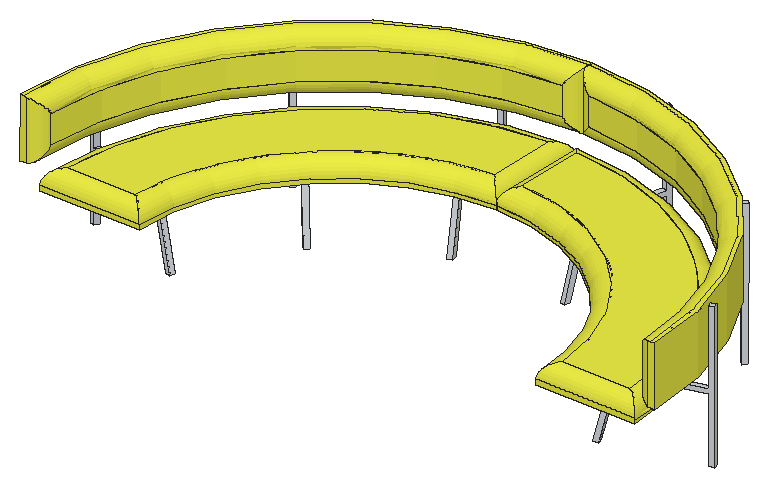
Revit family
Reference planes
  plane 1 "중심(앞/뒤)": y = 0
  plane 2: z = 0
  plane 3 "중심(왼쪽/오른쪽)": x = 0
Nested families
  nested 1: "정원의자_1인용" at (0, 0, 0), type "정원의자_1인용"
  nested 2: "정원의자_1인용" at (0, 0, 0) x (-1, 0, 0) z (0, 0, 1), type "정원의자_1인용"
Definition of nested family "정원의자_1인용"
  Reference planes
    plane 1 "중심(앞/뒤)": y = 0
    plane 2: z = 0
    plane 3 "중심(왼쪽/오른쪽)": x = 0
    plane 4 "대각선": through (0, 0, 0) normal (0.7071, -0.7071, 0)
    plane 5: through (0, 0, 0) normal (0.9659, -0.2588, 0)
    plane 6: through (0, 0, 0) normal (0.2588, -0.9659, 0)
  Forms (mm)
    Extrusion 1, solid
      sketch origin (0, 0, 0) x (0.707107, 0.707107, 0) y (0, 0, 1)
        loop
          line (1600, 725) -> (1600, 350) -> (1100, 350) -> (1100, 325) -> (1185.526, 325) -> (1100, 0) -> (1125.851, 0) -> (1211.377, 325) -> (1600, 325) -> (1600, 0) -> (1625, 0) -> (1625, 725) -> (1600, 725)
      from 12.5 to -12.5
    Extrusion 2, solid
      sketch origin (0, 0, 0) x (0.258819, 0.965926, 0) y (0, 0, 1)
        loop
          line (1600, 725) -> (1600, 350) -> (1100, 350) -> (1100, 325) -> (1185.526, 325) -> (1100, 0) -> (1125.851, 0) -> (1211.377, 325) -> (1600, 325) -> (1600, 0) -> (1625, 0) -> (1625, 725) -> (1600, 725)
      from 12.5 to -12.5
    Extrusion 3, solid
      sketch origin (0, 0, 0) x (0.965926, 0.258819, 0) y (0, 0, 1)
        loop
          line (1600, 725) -> (1600, 350) -> (1100, 350) -> (1100, 325) -> (1185.526, 325) -> (1100, 0) -> (1125.851, 0) -> (1211.377, 325) -> (1600, 325) -> (1600, 0) -> (1625, 0) -> (1625, 725) -> (1600, 725)
      from 12.5 to -12.5
  Dimensions and locks
    nested 1 to Extrusion 1 sketch curve = 350 mm
  Nested families
    nested 1: "seat-yellow" at (0, 0, 0), type "seat-yellow"
  Definition of nested family "seat-yellow"
    Reference planes
      plane 1 "중심(앞/뒤)": y = 0
      plane 2: z = 0
      plane 3 "중심(왼쪽/오른쪽)": x = 0
      plane 4 "대각선": through (0, 0, 0) normal (0.7071, -0.7071, 0)
    Forms (mm)
      Sweep 1, solid, material "시트"
        path origin (0, 0, 350) x (1, 0, 0) y (0, 1, 0)
          loop
            arc (1000, 0) -> (707.107, 707.107) -> (0, 1000) r 1000
        profile "프로파일 : 프로파일" origin (707.107, 707.107, 350) x (-0.707107, -0.707107, 0) y (0, 0, 1)
          loop
            arc (-580, 100) -> (-523.431, 123.431) -> (-500, 180) r 80
            line (-500, 180) -> (-500, 320)
            arc (-500, 320) -> (-523.431, 376.569) -> (-580, 400) r 80
            line (-580, 400) -> (-600, 400) -> (-600, 100) -> (-580, 100)
          loop
            line (-500, 0) -> (0, 0) -> (0, 20)
            arc (0, 20) -> (-23.431, 76.569) -> (-80, 100) r 80
            line (-80, 100) -> (-420, 100)
            arc (-420, 100) -> (-476.569, 76.569) -> (-500, 20) r 80
            line (-500, 20) -> (-500, 0)
      Extrusion 2, void
        sketch origin (3.903, 0, 346.611) x (1, 0, 0) y (0, 0, 1)
          loop
            arc (-5.085, 24.068) -> (18.346, 80.637) -> (74.915, 104.068) r 80
            line (74.915, 104.068) -> (-5.085, 104.068) -> (-5.085, 24.068)
        from -1499.575 to -638.949
      Extrusion 3, void
        sketch origin (2499.509, 4.767, 346.611) x (0, 1, 0) y (0, 0, 1)
          loop
            arc (-5.085, 24.068) -> (18.346, 80.637) -> (74.915, 104.068) r 80
            line (74.915, 104.068) -> (-5.085, 104.068) -> (-5.085, 24.068)
        from -1545.466 to -988.021
      Extrusion 4, void
        sketch origin (81.053, 136.457, 350) x (1, 0, 0) y (0, 1, 0)
          loop
            line (1416.319, -57.457) -> (1416.319, -137.457) -> (1496.319, -137.457)
            arc (1496.319, -137.457) -> (1439.75, -114.026) -> (1416.319, -57.457) r 80
        from 100 to 428.588
      Extrusion 5, void
        sketch origin (136.457, 81.053, 350) x (0, 1, 0) y (-1, 0, 0)
          loop
            arc (1416.319, 57.457) -> (1439.75, 114.026) -> (1496.319, 137.457) r 80
            line (1496.319, 137.457) -> (1416.319, 137.457) -> (1416.319, 57.457)
        from 100 to 428.588
    Cuts and joins
      Extrusion 2, Extrusion 3, Extrusion 4, Extrusion 5 cuts Sweep 1
